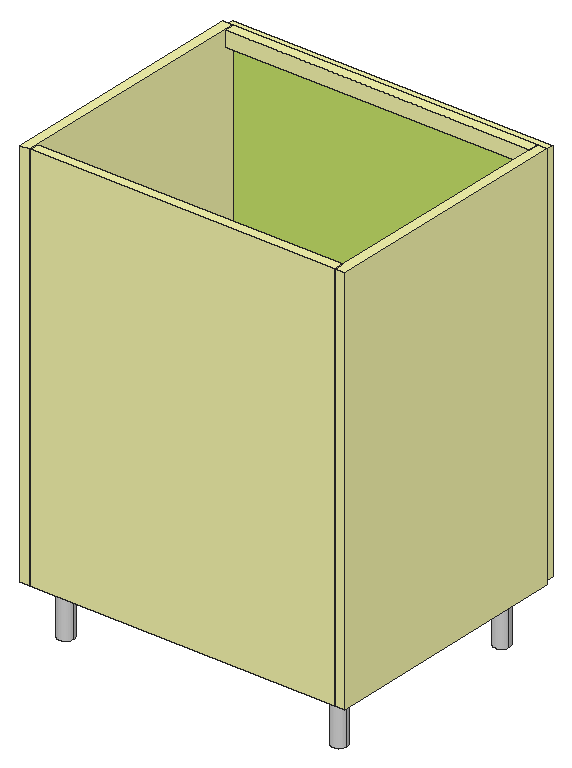
Revit family "MB-1P", category Furniture, host Wall, Revit 2018
Family settings
  Host = Wall
  Always vertical = Yes
  Cut with Voids When Loaded = No
  Shared = No
  Room Calculation Point = No
Parameters (values of type "640 x 500 x 872 mm")
  Façade = Bois - Mélaminé jaune/vert
  Profondeur = 500 mm
  Largeur = 640 mm
  Hauteur de plinthe = 100 mm
  Hauteur = 872 mm
  Finition = Bois - Mélaminé jaune pastel
  Fermeture latérale [instance] = no
  FL [instance] = if(Fermeture latérale, 0 mm, 100 mm)  # 100 mm
  Description = ""
Types (10, lengths in mm): name | Façade | Profondeur | Largeur | Finition
  340 x 500 x 872 mm | Bois - Mélaminé jaune/vert | 500 | 340 | Bois - Mélaminé jaune pastel
  420 x 500 x 872 mm | Bois - Mélaminé jaune/vert | 500 | 420 | Bois - Mélaminé jaune pastel
  520 x 500 x 872 mm | Bois - Mélaminé jaune/vert | 500 | 520 | Bois - Mélaminé jaune pastel
  640 x 500 x 872 mm | Bois - Mélaminé jaune/vert | 500 | 640 | Bois - Mélaminé jaune pastel
  600 x 200 x 870 mm | Bois - Cerisier | 600 | 200 | Bois - Cerisier
  600 x 1200  x 870 mm 2 | Bois - Cerisier | 600 | 1200 | Bois - Cerisier
  600 x 300x 870 mm | Bois - Cerisier | 600 | 300 | Bois - Cerisier
  600 x 600 x 870 mm | Bois - Cerisier | 600 | 600 | Bois - Cerisier
  500x 300 x 870  mm | Bois - Cerisier | 500 | 300 | Bois - Cerisier
  500 x 600 x 870 mm | Bois - Cerisier | 500 | 600 | Bois - Cerisier
Reference planes
  plane 1 "Mur": y = 0
  plane 2 "Centre (gauche/droite)": x = 91.561
  plane 3 "Arrière": y = 75
  plane 4 "Gauche": x = -228.439
  plane 5 "Droite": x = 411.561
  plane 6 "Haut": z = 872
  plane 7 "Plinthe": z = 100
  plane 8 "Avant": y = 675
  plane 9 "VideAR": y = 175
  plane 10: y = 705
Forms (mm)
  Extrusion 1, solid, material "Bois - Mélaminé jaune pastel" <- "Finition"
    sketch origin (0, 0, 100) x (0, 1, 0) y (-1, 0, 0)
      loop
        line (675, 228.439) -> (175, 228.439) -> (175, 209.439) -> (675, 209.439) -> (675, 228.439)
      loop
        line (675, -392.561) -> (175, -392.561) -> (175, -411.561) -> (675, -411.561) -> (675, -392.561)
    from 0 to 772
  Extrusion 2, solid, material "Bois - Mélaminé jaune pastel" <- "Finition"
    sketch origin (0, 0, 100) x (0, 1, 0) y (-1, 0, 0)
      loop
        line (175, 209.439) -> (175, -392.561) -> (194, -392.561) -> (194, 209.439) -> (175, 209.439)
    from 0 to 772
  Extrusion 3, solid, material "Bois - Mélaminé jaune pastel" <- "Finition"
    sketch origin (0, 0, 100) x (0, 1, 0) y (-1, 0, 0)
      loop
        line (675, 209.439) -> (194, 209.439) -> (194, -392.561) -> (675, -392.561) -> (675, 209.439)
    from 0 to 19
  Extrusion 4, solid, material "Bois - Mélaminé jaune pastel" <- "Finition"
    sketch origin (0, 0, 872) x (0, 1, 0) y (-1, 0, 0)
      loop
        line (656, 209.439) -> (656, -392.561) -> (675, -392.561) -> (675, 209.439) -> (656, 209.439)
    from 0 to -30
  Extrusion 5, solid, material "Bois - Mélaminé jaune pastel" <- "Finition", visible <- "Fermeture latérale"
    sketch origin (0, 0, 0) x (1, 0, 0) y (0, 1, 0)
      loop
        line (-213.439, 75) -> (-197.439, 75) -> (-197.439, 644) -> (-213.439, 644) -> (-213.439, 75)
    from 0 to 100
Text (mm)
  text "Placement Side" at (-1848.837, 1116.779, 0), in view "Niveau de réf."
  text "Placement Side" at (0, 1409.804, 2854.306), in view "Gauche"
  text "Placement Side" at (0, 499.811, 2980.732), in view "Droite"
Dimensions and locks
  locked: plane 3 "Arrière" to host wall
  equal spacing: plane 4 "Gauche", plane 2 "Centre (gauche/droite)", plane 5 "Droite"
  "Largeur": plane 4 "Gauche" to plane 5 "Droite"
  "Hauteur": level to plane 6 "Haut"
  "Hauteur de plinthe": level to plane 7 "Plinthe"
  "Profondeur": plane 9 "VideAR" to plane 8 "Avant"
  locked: plane 3 "Arrière" to plane 9 "VideAR" at 100
  locked: plane 4 "Gauche" to Extrusion 1 sketch curve at 19
  locked: Extrusion 1 sketch curve to plane 5 "Droite" at 19
  locked: plane 4 "Gauche" to Extrusion 2 sketch curve at 19
  locked: Extrusion 2 sketch curve to plane 5 "Droite" at 19
  locked: Extrusion 2 sketch curve to plane 9 "VideAR" at 19
  locked: plane 4 "Gauche" to Extrusion 3 sketch curve at 19
  locked: Extrusion 3 sketch curve to plane 5 "Droite" at 19
  locked: Extrusion 3 sketch curve to plane 9 "VideAR" at 19
  locked: plane 4 "Gauche" to Extrusion 4 sketch curve at 19
  locked: Extrusion 4 sketch curve to plane 5 "Droite" at 19
  locked: plane 8 "Avant" to Extrusion 4 sketch curve at 19
  "FL": Extrusion 1 sketch curve to plane 3 "Arrière"
  locked: nested 3 to plane 5 "Droite" at 100
  locked: plane 8 "Avant" to Extrusion 5 sketch curve at 31
  locked: Extrusion 5 sketch curve to Extrusion 5 sketch curve at 16
  locked: plane 4 "Gauche" to Extrusion 5 sketch curve at 15
  locked: nested 3 to plane 6 "Haut" at 70
  locked: plane 10 to plane 8 "Avant" at 30
  aligned and locked: plane 1 "Mur" to host wall
  aligned and locked: plane 4 "Gauche" to Extrusion 1 sketch curve
  aligned and locked: plane 5 "Droite" to Extrusion 1 sketch curve
  aligned and locked: Extrusion 1 sketch curve to plane 8 "Avant"  (x2)
  aligned and locked: plane 9 "VideAR" to Extrusion 1 sketch curve
  aligned and locked: Extrusion 1 to plane 6 "Haut"
  aligned and locked: Extrusion 2 sketch curve to plane 9 "VideAR"
  aligned and locked: Extrusion 2 to plane 6 "Haut"
  aligned and locked: Extrusion 3 sketch curve to plane 8 "Avant"
  aligned and locked: plane 8 "Avant" to Extrusion 4 sketch curve
  aligned and locked: plane 7 "Plinthe" to nested 1
  aligned and locked: nested 1 to plane 5 "Droite"
  aligned and locked: plane 4 "Gauche" to nested 1
  aligned and locked: nested 2 to plane 9 "VideAR"
  aligned and locked: nested 2 to plane 8 "Avant"
  aligned and locked: nested 2 to plane 5 "Droite"
  aligned and locked: plane 4 "Gauche" to nested 2
  aligned and locked: plane 7 "Plinthe" to nested 2
  aligned and locked: Extrusion 5 sketch curve to host wall
  aligned and locked: Extrusion 5 to plane 7 "Plinthe"
  aligned and locked: plane 6 "Haut" to nested 1
  aligned and locked: nested 3 to nested 1
  aligned and locked: nested 1 to plane 8 "Avant"
Nested families
  nested 1: "#MC - Façade" at (78.855, 675, -89.481), Finition <- "Finition", Face <- "Façade", type "Panneau"
    with L 640 mm, H 772 mm, Finition Bois - Mélaminé jaune pastel, Face Bois - Mélaminé jaune/vert
  nested 2: "#MC - 4 Pieds" at (86.223, 75, 0), type "4 Pieds"
    with Profondeur 500 mm, Largeur 640 mm, Hauteur de plinthe 100 mm
  nested 3: "#MC - Poignée" at (311.561, 694, 273.107), type "Poignée", detail levels fine
Definition of nested family "#MC - Façade"
  Parameters
    L [instance] = 745.4 mm
    H [instance] = 680 mm
    Finition [instance] = none
    Face [instance] = none
    Description = "#"
    Assembly Code = ""
  Reference planes
    plane 1 "Centre (avant/arrière)": y = 0
    plane 2: z = 0
    plane 3 "Centre (gauche/droite)": x = 12.707
    plane 4: z = 189.481
    plane 5: z = 869.481
    plane 6: x = 385.407
    plane 7: x = -359.993
  Forms (mm)
    Extrusion 1, solid, material <- "Finition"
      sketch origin (0, 0, 0) x (1, 0, 0) y (0, 0, 1)
        loop
          line (-354.993, 864.481) -> (-354.993, 194.481) -> (380.407, 194.481) -> (380.407, 864.481) -> (-354.993, 864.481)
      from 0 to -19
  Dimensions and locks
    equal spacing: plane 7, plane 3 "Centre (gauche/droite)", plane 6
    "L": plane 7 to plane 6
    "H": plane 5 to plane 4
    locked: Extrusion 1 sketch curve to plane 7 at 5
    locked: plane 6 to Extrusion 1 sketch curve at 5
    locked: Extrusion 1 sketch curve to plane 4 at 5
    locked: plane 5 to Extrusion 1 sketch curve at 5
Definition of nested family "#MC - 4 Pieds"
  Parameters
    Plastique - Gris clair = none
    Description = ""
    Profondeur [instance] = 827.4 mm
    Largeur [instance] = 690.7 mm
    Hauteur de plinthe [instance] = 173.8 mm
    Assembly Code = ""
  Reference planes
    plane 1 "Centre (avant/arrière)": y = 0
    plane 2: z = 0
    plane 3 "Centre (gauche/droite)": x = 5.338
    plane 4: x = 350.688
    plane 5: x = -340.012
    plane 6: y = 100
    plane 7: y = 927.4
    plane 8: z = 173.8
  Forms (mm)
    Extrusion 1, solid, material <- "Plastique - Gris clair"
      sketch origin (0, 0, 0) x (1, 0, 0) y (0, 1, 0)
        loop
          circle (-290.012, 877.4) r 15
        loop
          circle (300.688, 877.4) r 15
        loop
          circle (-290.012, 150) r 15
        loop
          circle (300.688, 150) r 15
      from 0 to 173.8
  Dimensions and locks
    equal spacing: plane 5, plane 3 "Centre (gauche/droite)", plane 4
    "Largeur": plane 5 to plane 4
    locked: plane 1 "Centre (avant/arrière)" to plane 6 at 100
    "Profondeur": plane 6 to plane 7
    "Hauteur de plinthe": plane 8 to plane 2
    locked: plane 5 to Extrusion 1 sketch curve at 50  (x2)
    locked: Extrusion 1 sketch curve to plane 4 at 50  (x2)
    locked: plane 6 to Extrusion 1 sketch curve at 50  (x2)
    locked: Extrusion 1 sketch curve to plane 7 at 50  (x2)
    aligned and locked: Extrusion 1 to plane 8
  Automatic sketch dimensions
    radius of Extrusion 1 sketch curve = 15 mm  (x4)
Definition of nested family "#MC - Poignée"
  Parameters
    Description = ""
    Couleur = none
    Assembly Code = ""
  Reference planes
    plane 1 "Centre (avant/arrière)": y = 0
    plane 2: z = 0
    plane 3 "Centre (gauche/droite)": x = 0
    plane 4 "P": z = 528.893
  Forms (mm)
    Sweep 1, solid, material <- "Couleur"
      path origin (0, 0, 528.893) x (0, -1, 0) y (1, 0, 0)
        loop
          line (0, -50) -> (-15, -50)
          arc (-15, -50) -> (-25.607, -45.607) -> (-30, -35) r 15
          line (-30, -35) -> (-30, 35)
          arc (-30, 35) -> (-25.607, 45.607) -> (-15, 50) r 15
          line (-15, 50) -> (0, 50)
      profile origin (-50, 7.5, 528.893) x (-1, 0, 0) y (0, 0, 1)
        loop
          circle (0, 0) r 8
